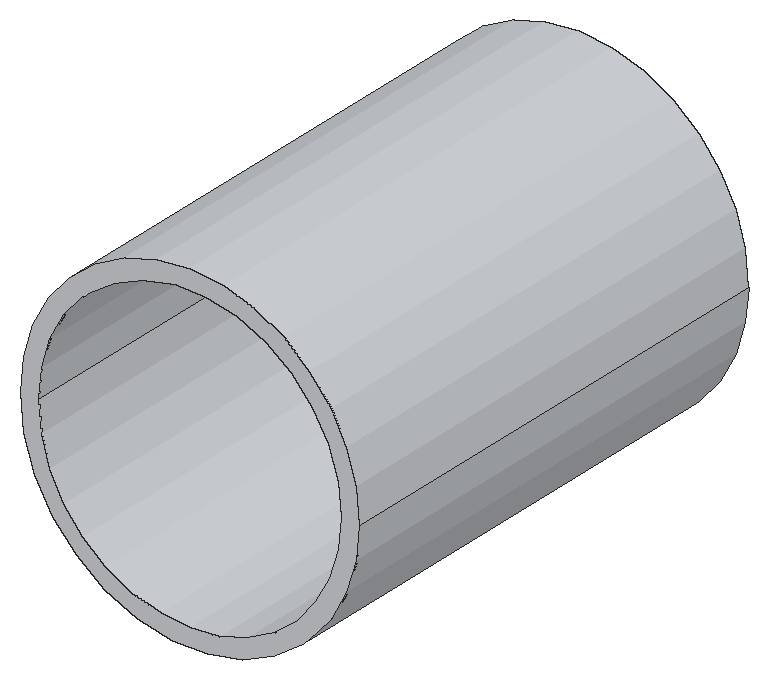
Revit family "CL25GC", category Generic Models, Revit 2017
Family settings
  Can host rebar = No
  Round Connector Dimension = Use Diameter
  Part Type = Normal
  Work Plane-Based = Yes
  Always vertical = No
  Cut with Voids When Loaded = No
  Shared = No
  Room Calculation Point = No
Parameters (values of type "NBS Standard Parameters")
  Weight = "0.0473Kg"
  WarrantyStartDate [instance] = "1900-12-31T23:59:59"
  WarrantyGuarantorParts = "n/a"
  WarrantyGuarantorLabor = "n/a"
  WarrantyDurationUnit = "1 year"
  WarrantyDurationParts = "n/a"
  WarrantyDurationLabor = "n/a"
  WarrantyDescription = "n/a"
  Version = "1"
  Uniclass2 = "Pr-65_30_11_20"
  TagNumber [instance] = "n/a"
  SustainabilityPerformance = "n/a"
  Size = "25mm"
  Shape = "Circular"
  SerialNumber [instance] = "n/a"
  Revision = "n/a"
  ReplacementCost = "n/a"
  ProductInformation = ""
  NominalWidth = 28 mm
  NominalLength = 28 mm
  NominalHeight = 40 mm
  Name = ""
  NBSTypeID = ""
  NBSReference = "90-55-10/460"
  NBSOfficeMasterTag = ""
  NBSNote = ""
  NBSDescription = "Conduit Fittings"
  NBSCertification = ""
  ModelReference = "CL25GC"
  ModelNumber = "n/a"
  Material = "Steel"
  ManufacturerURL = "www.metpro.co.uk"
  ManufacturerName = "Metpro Ltd"
  InstallationDate [instance] = "1900-12-31T23:59:59"
  IfcExportType = ""
  IfcExportAs = ""
  Grade = "n/a"
  Finish = "Galvanised"
  Features = "n/a"
  ExpectedLife = "n/a"
  DurationUnit = "year"
  Description = "CL25GC - 25mm Conduit Solid Coupler-Conlok"
  Default Elevation = 1219.2 mm
  Constituents = "n/a"
  Color = "n/a"
  CodePerformance = "n/a"
  Category = "n/a"
  BarCode [instance] = "n/a"
  BIMObjectName = "Metpro_metprolibrary_conduitfittings_metalcomponent_steelaccessories"
  Author = "Metpro Ltd"
  AssetType = ""
  AssetIdentifier [instance] = "n/a"
  AccessibilityPerformance = "n/a"
Reference planes
  plane 1 "Center (Front/Back)": y = 0
  plane 2: z = 0
  plane 3 "Center (Left/Right)": x = 0
Forms (mm)
  Extrusion 1, solid
    sketch origin (224, 5.586, 25.952) x (-1, 0, 0) y (0, 0, 1)
      loop
        circle (210, 20) r 12.5
      loop
        circle (210, 20) r 14
    from 0 to 40
Dimensions and locks
  aligned and locked: level to plane 2
